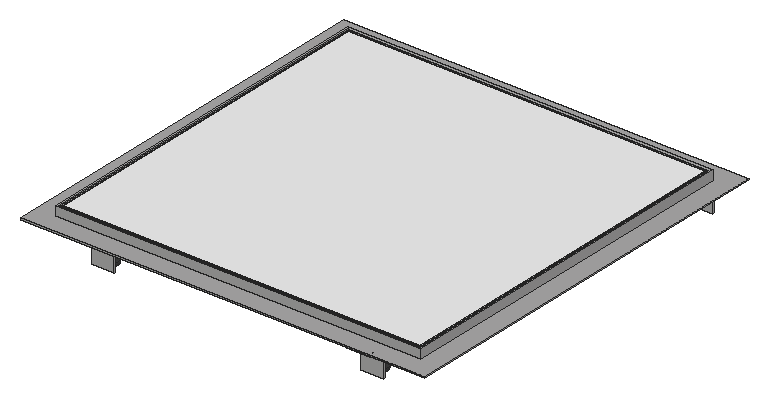
Revit family "Access_Door-Lightweight-Best Access Doors-Drywall Inlay-BA-IVH___1", category Specialty Equipment, host Face, Revit 2020
Family settings
  Host = Face
  Round Connector Dimension = Use Diameter
  Part Type = Normal
  OmniClass Number = 23.30.10.27.17
  OmniClass Title = Access Doors
  Cut with Voids When Loaded = No
  Shared = No
  Room Calculation Point = No
Parameters (values of type "Not a Type - Load Type Catalog")
  Width = 20.00"
  URL = "https://www.bestaccessdoors.com/"
  Real Panel Width = A - 0.12109"  # 19.87891"
  Real Panel Height = B - 0.12109"  # 19.87891"
  Product data url = "https://bimobject.com/best-access-doors/product/invisahatch-drywall-inlay-with-fully-detachable-hatch"
  Product Page URL = "https://www.bestaccessdoors.com/model-number/ba-ivh/"
  Product Documentation Link = "https://www.bestaccessdoors.com/content/BA-IVH.pdf"
  Phone = "1-800-483-0823"
  Model = ""
  Material = ""
  Manufacturer = "Best Access Doors"  # constant formula
  Lock = no
  Height = 20.00"
  Finish = Metal - Best Access Doors - Powder Coated White
  F = B + 0.14063"  # 20.14063"
  E-mail = "sales@bestaccessdoors.com"
  E = A + 0.14063"  # 20.14063"
  Drywall Size = if([Drywall 1/2"], 1.00" / 2, 5.00" / 8)  # 0.50"
  Drywall 5/8" = not([Drywall 1/2"])  # no
  Drywall 1/2" = yes
  Door Swing [instance] = if(Door Open, 90.00°, 0.00°)  # 0.00°
  Door Position = Drywall Size - 0.13"  # 0.37"
  Door Open [instance] = no
  Description = "BA-IVH Invisa Hatch Drywall Inlay with Fully Detachable Hatch"  # constant formula
  Default Elevation = 0.00"
  D = B + 2.19922"  # 22.19922"
  Construction Material = Metal - Best Access Doors - Aluminum
  C = A + 2.19922"  # 22.19922"
  B = Width  # 20.00"
  Available Options = ""
  Assembly Code = "C1020700"
  A = Height  # 20.00"
Reference planes (in)
  plane 1 "Center (Front/Back)": y = 0
  plane 2: z = 0
  plane 3 "Center (Left/Right)": x = 4.07031
  plane 4: x = -6
  plane 5: x = 14.14063
  plane 6: y = 10.07031
  plane 7: y = -10.07031
  plane 8: y = 11.17031
  plane 9: y = -11.17031
  plane 10: x = -7.1
  plane 11: x = 15.24063
  plane 12: z = -0.5
  plane 13: x = -5.5
  plane 14: y = 9.57031
  plane 15: x = 12.14063
  plane 16: x = 10.88063
  plane 17: x = -4
  plane 18: x = -2.74
  plane 19: x = 12.88063
  plane 20: x = -4.74
Forms (in)
  Extrusion 1, void
    sketch origin (0, 0, 0) x (1, 0, 0) y (0, 1, 0)
      loop
        line (-6, 10.07031) -> (-6, -10.07031) -> (14.14063, -10.07031) -> (14.14063, 10.07031) -> (-6, 10.07031)
    from -0.5 to 0
  Sweep 2, solid, material "Metal - Best Access Doors - Aluminum" <- "Construction Material"
    path origin (0, 0, 0) x (1, 0, 0) y (0, 1, 0)
      loop
        line (-6, 10.07031) -> (-6, -10.07031) -> (14.14063, -10.07031) -> (14.14063, 10.07031) -> (-6, 10.07031)
    profile origin (-6, 0, 0) x (1, 0, 0) y (0, 0, 1)
      loop
        line (0, 0) -> (0, -0.5) -> (-1.1, -0.5) -> (-1.1, -0.57) -> (0.07, -0.57) -> (0.07, 0) -> (0, 0)
  Extrusion 3, void
    sketch origin (0, 0, 0) x (1, 0, 0) y (0, 0, 1)
      loop
        line (-7.1, -0.5) -> (-7.1, -14.39366) -> (15.24063, -14.39366) -> (15.24063, -0.5) -> (-7.1, -0.5)
    from -11.17031 to 11.17031
  Extrusion 4, solid, material "Metal - Best Access Doors - Aluminum" <- "Construction Material"
    sketch origin (4.07031, 0, 0) x (0, 1, 0) y (0, 0, 1)
      loop
        line (-10.07031, -2.15) -> (-10.07031, -0.57) -> (-11.07031, -0.57) -> (-11.07031, -0.64) -> (-10.14031, -0.64) -> (-10.14031, -2.15) -> (-10.07031, -2.15)
    from 6.81031 to 8.07031
  Extrusion 5, solid, material "Metal - Best Access Doors - Aluminum" <- "Construction Material"
    sketch origin (10.49249, 0, 0) x (0, 1, 0) y (0, 0, 1)
      loop
        line (-10.07031, -2.15) -> (-10.07031, -0.57) -> (-11.07031, -0.57) -> (-11.07031, -0.64) -> (-10.14031, -0.64) -> (-10.14031, -2.15) -> (-10.07031, -2.15)
    from -14.49249 to -13.23249
  Extrusion 6, solid, material "Neoprene - Best Access Doors -  Gasket"
    sketch origin (10.49249, -10.07031, -2.15) x (0, 0, 1) y (1, 0, 0)
      loop
        line (1.51, -14.0892) -> (1.51, -13.65388)
        arc (1.51, -13.65388) -> (1.42213, -13.44175) -> (1.21, -13.35388) r 0.3
        line (1.21, -13.35388) -> (0.3, -13.35388)
        arc (0.3, -13.35388) -> (0.08787, -13.44175) -> (0, -13.65388) r 0.3
        line (0, -13.65388) -> (0, -14.0892)
        arc (0, -14.0892) -> (0.08787, -14.30133) -> (0.3, -14.3892) r 0.3
        line (0.3, -14.3892) -> (1.21, -14.3892)
        arc (1.21, -14.3892) -> (1.42213, -14.30133) -> (1.51, -14.0892) r 0.3
    from 0 to 0.5
  Extrusion 7, solid, material "Neoprene - Best Access Doors -  Gasket"
    sketch origin (4.07031, -10.07031, -2.15) x (0, 0, 1) y (1, 0, 0)
      loop
        line (1.51, 7.2136) -> (1.51, 7.64893)
        arc (1.51, 7.64893) -> (1.42213, 7.86106) -> (1.21, 7.94893) r 0.3
        line (1.21, 7.94893) -> (0.3, 7.94893)
        arc (0.3, 7.94893) -> (0.08787, 7.86106) -> (0, 7.64893) r 0.3
        line (0, 7.64893) -> (0, 7.2136)
        arc (0, 7.2136) -> (0.08787, 7.00147) -> (0.3, 6.9136) r 0.3
        line (0.3, 6.9136) -> (1.21, 6.9136)
        arc (1.21, 6.9136) -> (1.42213, 7.00147) -> (1.51, 7.2136) r 0.3
    from 0 to 0.5
  Extrusion 8, solid, material "Metal - Best Access Doors - Aluminum" <- "Construction Material"
    sketch origin (4.07031, 0, 0) x (0, 1, 0) y (0, 0, 1)
      loop
        line (10.07031, -2.15) -> (10.14031, -2.15) -> (10.14031, -0.64) -> (11.07031, -0.64) -> (11.07031, -0.57) -> (10.07031, -0.57) -> (10.07031, -2.15)
    from 8.81031 to 10.07031
  Extrusion 9, solid, material "Metal - Best Access Doors - Aluminum" <- "Construction Material"
    sketch origin (-5.75, -0.07031, 0) x (0, 1, 0) y (0, 0, 1)
      loop
        line (10.14062, -2.15) -> (10.21062, -2.15) -> (10.21062, -0.64) -> (11.14063, -0.64) -> (11.14063, -0.57) -> (10.14062, -0.57) -> (10.14062, -2.15)
    from -0.25 to 1.01
Lines and regions (in)
  Masking region 1
    outline origin (0, 0, 0) x (1, 0, 0) y (0, 1, 0)
      loop
        line (-6, 10.07031) -> (-6, -10.07031) -> (14.14062, -10.07031) -> (14.14062, 10.07031) -> (-6, 10.07031)
      loop
        line (-5.93, 10.00031) -> (-5.93, -10.00031) -> (14.07062, -10.00031) -> (14.07062, 10.00031) -> (-5.93, 10.00031)
  Masking region 2
    outline origin (0, 0, 0) x (1, 0, 0) y (0, 0, 1)
      loop
        line (-7.1, -0.57) -> (15.24062, -0.57) -> (15.24062, -0.5) -> (14.14062, -0.5) -> (14.14062, 0) -> (-6, 0) -> (-6, -0.5) -> (-7.1, -0.5) -> (-7.1, -0.57)
  Masking region 3
    outline origin (0, 0, 0) x (1, 0, 0) y (0, 0, 1)
      loop
        line (-6, -0.57) -> (-6, -2.15) -> (-4.74, -2.15) -> (-4.74, -0.57) -> (-6, -0.57)
      loop
        line (-4, -0.57) -> (-4, -2.15) -> (-2.74, -2.15) -> (-2.74, -0.57) -> (-4, -0.57)
      loop
        line (10.88063, -0.57) -> (10.88063, -2.15) -> (12.14063, -2.15) -> (12.14063, -0.57) -> (10.88063, -0.57)
      loop
        line (12.88063, -0.57) -> (12.88063, -2.15) -> (14.14063, -2.15) -> (14.14063, -0.57) -> (12.88063, -0.57)
  Masking region 4
    outline origin (4.07031, 0, 0) x (0, 1, 0) y (0, 0, 1)
      loop
        line (-11.17031, -0.57) -> (11.17031, -0.57) -> (11.17031, -0.5) -> (10.07031, -0.5) -> (10.07031, 0) -> (-10.07031, 0) -> (-10.07031, -0.5) -> (-11.17031, -0.5) -> (-11.17031, -0.57)
  Masking region 5
    outline origin (4.07031, 0, 0) x (0, 1, 0) y (0, 0, 1)
      loop
        line (10.14031, -0.64) -> (11.07031, -0.64) -> (11.07031, -0.57) -> (10.07031, -0.57) -> (10.07031, -2.15) -> (10.14031, -2.15) -> (10.14031, -0.64)
      loop
        line (-9.57031, -2.15) -> (-9.57031, -0.64) -> (-10.07031, -0.64) -> (-10.07031, -0.57) -> (-11.07031, -0.57) -> (-11.07031, -0.64) -> (-10.14031, -0.64) -> (-10.14031, -2.15) -> (-9.57031, -2.15)
  reference lines
    curve 1: line (4.07031, 9.57031, 0) -> (4.07031, -2.42969, 0)
  symbolic lines
    curve 2: line (14.14062, 0, -0.5) -> (-6, 0, -0.5)
    curve 3: line (-4, 0, -0.64) -> (-2.74, 0, -0.64)
    curve 4: arc (-3.89671, 0, -0.94) -> (-3.80884, 0, -0.72787) -> (-3.59671, 0, -0.64) r 0.3
    curve 5: arc (-3.16139, 0, -0.64) -> (-2.94925, 0, -0.72787) -> (-2.86139, 0, -0.94) r 0.3
    curve 6: line (-2.86139, 0, -1.85) -> (-2.86139, 0, -0.94)
    curve 7: arc (-2.86139, 0, -1.85) -> (-2.94925, 0, -2.06213) -> (-3.16139, 0, -2.15) r 0.3
    curve 8: arc (-3.59671, 0, -2.15) -> (-3.80884, 0, -2.06213) -> (-3.89671, 0, -1.85) r 0.3
    curve 9: line (-3.89671, 0, -0.94) -> (-3.89671, 0, -1.85)
    curve 10: line (10.98392, 0, -0.94) -> (10.98392, 0, -1.85)
    curve 11: arc (10.98392, 0, -0.94) -> (11.07179, 0, -0.72787) -> (11.28392, 0, -0.64) r 0.3
    curve 12: line (10.88063, 0, -0.64) -> (12.14063, 0, -0.64)
    curve 13: arc (11.71924, 0, -0.64) -> (11.93137, 0, -0.72787) -> (12.01924, 0, -0.94) r 0.3
    curve 14: line (12.01924, 0, -1.85) -> (12.01924, 0, -0.94)
    curve 15: arc (12.01924, 0, -1.85) -> (11.93137, 0, -2.06213) -> (11.71924, 0, -2.15) r 0.3
    curve 16: line (10.88063, 0, -2.15) -> (12.14063, 0, -2.15)
    curve 17: arc (11.28392, 0, -2.15) -> (11.07179, 0, -2.06213) -> (10.98392, 0, -1.85) r 0.3
    curve 18: line (4.07031, 10.07031, -0.5) -> (4.07031, -10.07031, -0.5)
    curve 19: line (4.07031, -10.07031, -0.64) -> (4.07031, -10.07031, -2.15)
Dimensions and locks (in)
  equal spacing: plane 4, plane 3 "Center (Left/Right)", plane 5
  "F": plane 4 to plane 5
  equal spacing: plane 6, plane 1 "Center (Front/Back)", plane 7
  "E": plane 6 to plane 7
  locked: plane 5 to plane 11 at 1.1
  locked: plane 8 to plane 6 at 1.1
  locked: plane 7 to plane 9 at 1.1
  locked: plane 10 to plane 4 at 1.1
  "Drywall Size": level to plane 12
  "Drywall Size": Sweep 2 sketch curve to plane 12
  locked: plane 12 to Sweep 2 sketch curve at 0.07
  locked: Sweep 2 sketch curve to plane 4 at 0.07
  "Drywall Size": plane 13 to plane 4
  "Drywall Size": plane 6 to plane 14
  "Door Position": nested 1 to curve 1
  locked: Extrusion 4 sketch curve to Extrusion 4 sketch curve at 0.07  (x2)
  locked: Extrusion 4 sketch curve to Sweep 2 at 1.58
  locked: plane 16 to plane 15 at 1.26
  locked: plane 15 to plane 5 at 2
  locked: Extrusion 5 sketch curve to Extrusion 5 sketch curve at 0.07  (x2)
  locked: plane 17 to plane 18 at 1.26
  locked: plane 4 to plane 17 at 2
  locked: Extrusion 8 sketch curve to Extrusion 8 sketch curve at 0.07  (x2)
  locked: plane 19 to plane 5 at 1.26
  locked: plane 4 to plane 20 at 1.26
  locked: Extrusion 9 sketch curve to Extrusion 9 sketch curve at 0.07  (x2)
  "Door Swing": angle level to curve 1
  aligned and locked: plane 2 to host face
  aligned and locked: level to host face
  aligned and locked: level to Extrusion 1
  aligned and locked: Extrusion 1 sketch curve to plane 6
  aligned and locked: plane 5 to Extrusion 1 sketch curve
  aligned and locked: plane 7 to Extrusion 1 sketch curve
  aligned and locked: plane 4 to Extrusion 1 sketch curve
  aligned and locked: Sweep 2 sketch curve to plane 4
  aligned and locked: plane 6 to Sweep 2 sketch curve
  aligned and locked: Sweep 2 sketch curve to plane 5
  aligned and locked: Sweep 2 sketch curve to plane 7
  aligned and locked: Sweep 2 sketch curve to profile plane
  aligned and locked: Sweep 2 sketch curve to plane 12
  aligned and locked: Extrusion 1 to plane 12
  aligned and locked: Extrusion 3 sketch curve to plane 12
  aligned and locked: Extrusion 3 sketch curve to plane 10
  aligned and locked: Extrusion 3 sketch curve to plane 11
  aligned and locked: plane 8 to Extrusion 3
  aligned and locked: Extrusion 3 to plane 9
  aligned and locked: plane 14 to curve 1
  aligned and locked: plane 2 to curve 1
  aligned and locked: nested 1 to curve 1
  aligned and locked: Sweep 2 to Extrusion 4 sketch curve
  aligned and locked: Extrusion 4 sketch curve to plane 7
  aligned and locked: Extrusion 4 to plane 16
  aligned and locked: plane 15 to Extrusion 4
  aligned and locked: Extrusion 5 to plane 17
  aligned and locked: plane 18 to Extrusion 5
  aligned and locked: Extrusion 8 sketch curve to plane 6
  aligned and locked: Extrusion 8 sketch curve to Sweep 2
  aligned and locked: Extrusion 8 to plane 5
  aligned and locked: Extrusion 8 to plane 19
  aligned and locked: Extrusion 9 to plane 4
  aligned and locked: plane 20 to Extrusion 9
  aligned and locked: Extrusion 9 sketch curve to plane 6
  aligned and locked: Extrusion 9 to Extrusion 8
  aligned and locked: Masking region 1 sketch curve to Sweep 2  (x4)
  aligned and locked: Masking region 2 sketch curve to Sweep 2  (x3)
  aligned and locked: host face to Masking region 2 sketch curve
  aligned and locked: curve 2 to plane 12
  aligned and locked: Masking region 3 sketch curve to Extrusion 9  (x4)
  aligned and locked: Masking region 3 sketch curve to Extrusion 5  (x4)
  aligned and locked: Masking region 3 sketch curve to Extrusion 4  (x4)
  aligned and locked: Masking region 3 sketch curve to Extrusion 8  (x4)
  aligned and locked: curve 4 to Extrusion 6
  aligned and locked: curve 5 to Extrusion 6
  aligned and locked: curve 7 to Extrusion 6
  aligned and locked: curve 8 to Extrusion 6
  aligned and locked: curve 11 to Extrusion 7
  aligned and locked: curve 13 to Extrusion 7
  aligned and locked: curve 15 to Extrusion 7
  aligned and locked: curve 17 to Extrusion 7
  aligned and locked: Masking region 4 sketch curve to Sweep 2  (x6)
  aligned and locked: host face to Masking region 4 sketch curve
  aligned and locked: Masking region 5 sketch curve to Extrusion 9  (x6)
  aligned and locked: Masking region 5 sketch curve to Extrusion 6  (x2)
  aligned and locked: Masking region 5 sketch curve to Extrusion 5  (x5)
  aligned and locked: curve 18 to Sweep 2
  aligned and locked: Extrusion 5 to curve 19
Automatic sketch dimensions
  host sketch curve to host sketch curve = 56.68602"
  host sketch curve to host sketch curve = 67.71565"
  Extrusion 3 sketch curve to plane 12 = 13.89366"
  plane 9 to Extrusion 4 sketch curve = 0.10"
  Extrusion 5 sketch curve to plane 7 = 0.00"
  plane 9 to Extrusion 5 sketch curve = 0.10"
  Extrusion 5 sketch curve to plane 12 = 1.65"
  Extrusion 5 sketch curve to plane 12 = 0.14"
  Extrusion 6 sketch curve to Extrusion 5 = 0.00"
  Extrusion 5 to Extrusion 6 sketch curve = 0.30"  (x2)
  Extrusion 5 to Extrusion 6 sketch curve = 0.10329"
  Extrusion 5 to Extrusion 6 sketch curve = 0.37"  (x2)
  Extrusion 5 to Extrusion 6 sketch curve = 0.07"
  Extrusion 5 to Extrusion 6 sketch curve = 0.42139"
  Extrusion 7 sketch curve to Extrusion 4 = 0.00"
  Extrusion 7 sketch curve to Extrusion 7 sketch curve = 0.30"
  Extrusion 4 to Extrusion 7 sketch curve = 0.10329"
  Extrusion 4 to Extrusion 7 sketch curve = 0.30"
  Extrusion 4 to Extrusion 7 sketch curve = 0.37"  (x2)
  Extrusion 4 to Extrusion 7 sketch curve = 0.07"
  Extrusion 4 to Extrusion 7 sketch curve = 0.42139"
  plane 6 to Extrusion 8 sketch curve = 1.00"
  Extrusion 8 sketch curve to Extrusion 8 sketch curve = 1.51"
  Extrusion 9 sketch curve to plane 12 = 0.07"
  Extrusion 9 sketch curve to plane 8 = 0.10"
  Extrusion 9 sketch curve to Extrusion 9 sketch curve = 1.51"
  plane 4 to Masking region 1 sketch curve = 0.07"
  plane 5 to Masking region 1 sketch curve = 0.07"
  plane 7 to Masking region 1 sketch curve = 0.07"
  Masking region 1 sketch curve to plane 6 = 0.07"
  Masking region 2 sketch curve to plane 4 = 0.00"
  plane 5 to Masking region 2 sketch curve = 0.00"
  Masking region 2 sketch curve to plane 12 = 0.00"  (x3)
  curve 2 to plane 4 = 0.00"
  curve 3 to plane 17 = 0.00"
  curve 3 to plane 18 = 0.00"
  curve 16 to plane 16 = 0.00"
  curve 12 to plane 16 = 0.00"
  curve 16 to plane 15 = 0.00"
  curve 12 to plane 15 = 0.00"
  plane 5 to curve 2 = 0.00"
  Masking region 4 sketch curve to plane 12 = 0.00"  (x2)
  Masking region 5 sketch curve to Masking region 5 sketch curve = 0.00"
  curve 18 to plane 7 = 0.00"
  curve 18 to plane 6 = 0.00"
  curve 19 to plane 12 = 0.14"
  curve 19 to curve 19 = 1.51"
  profile plane to Sweep 2 sketch curve = 1.10"
Nested families (in)
  nested 1: "Door" at (4.07031, 0.25332, 0) x (0, -1, 0) z (0, 0, 1), type "Door"
    with Door Width 19.87891", Door Height 19.87891"
Definition of nested family "Door"
  Parameters (values of type "Door")
    Lock Configuration Offset = if(Door Height < 36.00", 9.40625", if(not(Door Height > 48.00"), 11.40625", if(not(Door Height > 60.00"), 13.40625", 15.40625")))  # 9.40625"
    Lock Configuration 2 = not(Door Height < 32.00")  # no
    Lock Configuration 1 = Door Height < 32.00"  # yes
    Lock 3 = if(Lock, Lock Configuration 2, 1 > 2)  # no
    Lock 2 = if(Lock, Lock Configuration 2, 1 > 2)  # no
    Lock 1 = if(Lock, Lock Configuration 1, 1 > 2)  # no
    Lock = no
    Finish = none
    Drywall Size = 0.50"
    Door Width = 7.87891"
    Door Height = 7.87891"
    Default Elevation = 48.00"
    Construction Material = none
    Assembly Code = ""
  Reference planes (in)
    plane 1 "Center (Front/Back)": y = 0
    plane 2: z = 0
    plane 3 "Center (Left/Right)": x = -13.80809
    plane 4: x = -1.80809
    plane 5: y = -3.93945
    plane 6: y = 3.93945
    plane 7: x = -3.47668
    plane 8: z = -0.5
    plane 9: y = -5.4668
    plane 10: y = 5.4668
    plane 11: x = -9.68699
  Forms (in)
    Sweep 1, solid, material <- "Construction Material"
      path origin (0, 0, 0) x (1, 0, 0) y (0, 1, 0)
        loop
          line (-9.68699, 3.93945) -> (-9.68699, -3.93945) -> (-1.80809, -3.93945) -> (-1.80809, 3.93945) -> (-9.68699, 3.93945)
      profile origin (-9.68699, 0, 0) x (1, 0, 0) y (0, 0, 1)
        loop
          line (0, -0.57) -> (1.20691, -0.57) -> (1.20691, -0.5) -> (0.07, -0.5) -> (0.07, 0) -> (0, 0) -> (0, -0.57)
    Extrusion 2, solid, material <- "Finish"
      sketch origin (0, 0, 0) x (1, 0, 0) y (0, 1, 0)
        loop
          line (-9.61699, -3.86945) -> (-1.87809, -3.86945) -> (-1.87809, 3.86945) -> (-9.61699, 3.86945) -> (-9.61699, -3.86945)
      from -0.5 to 0
  Lines and regions (in)
    Masking region 1
      outline origin (0, 0, 0) x (1, 0, 0) y (0, 1, 0)
        loop
          line (-1.80809, 3.93945) -> (-9.68699, 3.93945) -> (-9.68699, -3.93945) -> (-1.80809, -3.93945) -> (-1.80809, 3.93945)
    Masking region 2
      outline origin (0, 0, 0) x (1, 0, 0) y (0, 0, 1)
        loop
          line (-9.68699, 0) -> (-9.68699, -0.57) -> (-1.80809, -0.57) -> (-1.80809, 0) -> (-9.68699, 0)
    Masking region 3
      outline origin (-13.80809, 0, 0) x (0, 1, 0) y (0, 0, 1)
        loop
          line (3.93945, 0) -> (-3.93945, 0) -> (-3.93945, -0.57) -> (3.93945, -0.57) -> (3.93945, 0)
    symbolic lines, detail levels fine
      curve 1: line (-1.87809, 3.86945, 0) -> (-9.61699, 3.86945, 0)
      curve 2: line (-9.61699, 3.86945, 0) -> (-9.61699, -3.86945, 0)
      curve 3: line (-9.61699, -3.86945, 0) -> (-1.87809, -3.86945, 0)
      curve 4: line (-1.87809, -3.86945, 0) -> (-1.87809, 3.86945, 0)
  Dimensions and locks (in)
    plane 3 "Center (Left/Right)" to plane 4 = 12.00"
    equal spacing: plane 5, plane 1 "Center (Front/Back)", plane 6
    locked: plane 7 to plane 4 at 1.6686
    "Door Height": plane 5 to plane 6
    "Lock Configuration Offset": plane 9 to plane 6
    "Lock Configuration Offset": plane 5 to plane 10
    "Door Width": plane 11 to plane 4
    locked: plane 11 to Sweep 1 sketch curve at 0.07
    locked: plane 8 to Sweep 1 sketch curve at 0.07
    "Drywall Size": level to plane 8
    aligned and locked: level to plane 2
    aligned and locked: plane 7 to nested 1
    aligned and locked: plane 1 "Center (Front/Back)" to nested 1
    aligned and locked: Sweep 1 sketch curve to plane 6
    aligned and locked: Sweep 1 sketch curve to plane 5
    aligned and locked: plane 4 to Sweep 1 sketch curve
    aligned and locked: plane 9 to nested 2
    aligned and locked: plane 7 to nested 2
    aligned and locked: plane 7 to nested 3
    aligned and locked: plane 10 to nested 3
    aligned and locked: Masking region 1 sketch curve to Sweep 1  (x4)
    aligned and locked: plane 11 to Sweep 1 sketch curve
    aligned and locked: Sweep 1 sketch curve to plane 11
    aligned and locked: Sweep 1 sketch curve to plane 8
    aligned and locked: Sweep 1 sketch curve to profile plane
    aligned and locked: Sweep 1 to Extrusion 2 sketch curve  (x3)
    aligned and locked: Extrusion 2 sketch curve to Sweep 1
    aligned and locked: Extrusion 2 to curve 4
    aligned and locked: curve 1 to Extrusion 2
    aligned and locked: curve 2 to Extrusion 2
    aligned and locked: curve 3 to Extrusion 2
    aligned and locked: Extrusion 2 to Sweep 1
    aligned and locked: Masking region 2 sketch curve to Sweep 1  (x4)
    aligned and locked: Masking region 3 sketch curve to Sweep 1  (x4)
  Automatic sketch dimensions
    Sweep 1 sketch curve to Sweep 1 sketch curve = 1.13691"
  Nested families (in)
    nested 1: "3dlock" at (-3.47668, 0, 0), visible <- "Lock 1", type "3dlock", detail levels medium+fine
    nested 2: "3dlock" at (-3.47668, -5.4668, 0), visible <- "Lock 2", type "3dlock"
    nested 3: "3dlock" at (-3.47668, 5.4668, 0), visible <- "Lock 3", type "3dlock", detail levels medium+fine
  Definition of nested family "3dlock"
    Parameters (values of type "3dlock")
      Finish = none
      Default Elevation = 0.00"
    Reference planes (in)
      plane 1 "Center (Front/Back)": y = 0
      plane 2: z = 0
      plane 3 "Center (Left/Right)": x = 0
    Forms (in)
      Revolve 1, solid, material <- "Finish", detail levels fine
        sketch origin (0, 0, 0) x (1, 0, 0) y (0, 0, 1)
          loop
            line (0, 0.14299) -> (-0.28475, 0.14299)
            arc (-0.28475, 0.14299) -> (-0.39008, 0.10228) -> (-0.43796, 0) r 0.15142
            line (-0.43796, 0) -> (0, 0) -> (0, 0.14299)
          axis (0, 0.14299) -> (0, 0)
        angle from 0 to 360
    Lines and regions (in)
      Masking region 1, detail levels fine
        outline origin (0, 0, 0) x (1, 0, 0) y (0, 1, 0)
          loop
            circle (0, 0) r 0.43796
      Masking region 2, detail levels medium+fine
        outline origin (0, 0, 0) x (1, 0, 0) y (0, 0, 1)
          loop
            arc (-0.28475, 0.14299) -> (-0.38953, 0.10169) -> (-0.43796, 0) r 0.15358
            line (-0.43796, 0) -> (0.43796, 0)
            arc (0.43796, 0) -> (0.38953, 0.10169) -> (0.28475, 0.14299) r 0.15358
            line (0.28475, 0.14299) -> (-0.28475, 0.14299)
      Masking region 3
        outline origin (0, 0, 0) x (0, 1, 0) y (0, 0, 1)
          loop
            line (0, 0) -> (0.43796, 0)
            arc (0.43796, 0) -> (0.38953, 0.10169) -> (0.28475, 0.14299) r 0.15358
            line (0.28475, 0.14299) -> (0, 0.14299) -> (-0.28475, 0.14299)
            arc (-0.28475, 0.14299) -> (-0.38953, 0.10169) -> (-0.43796, 0) r 0.15358
            line (-0.43796, 0) -> (0, 0)
      symbolic lines, detail levels fine
        curve 1: arc (0.28475, 0, 0) -> (0, 0.28475, 0) -> (-0.28475, 0, 0) r 0.28475
        curve 2: arc (-0.28475, 0, 0) -> (0, -0.28475, 0) -> (0.28475, 0, 0) r 0.28475
        curve 3: line (-0.04346, 0.01512, 0) -> (0.01834, 0.02232, 0)
        curve 4: line (0.01834, 0.02232, 0) -> (0.06637, 0.02414, 0)
        curve 5: line (0.06637, 0.02414, 0) -> (0.11996, 0.02219, 0)
        curve 6: line (0.11996, 0.02219, 0) -> (0.17246, 0.01233, 0)
        curve 7: line (0.17246, 0.01233, 0) -> (0.22814, -0.00188, 0)
        curve 8: line (0.22814, -0.00188, 0) -> (0.17111, -0.00891, 0)
        curve 9: line (0.17111, -0.00891, 0) -> (0.11778, -0.01204, 0)
        curve 10: line (0.11778, -0.01204, 0) -> (0.06438, -0.00718, 0)
        curve 11: line (0.06438, -0.00718, 0) -> (0.00981, 0.00191, 0)
        curve 12: line (0.00981, 0.00191, 0) -> (-0.04346, 0.01512, 0)
        curve 13: line (-0.04346, 0.01512, 0) -> (-0.08352, 0.01045, 0)
        curve 14: line (-0.08352, 0.01045, 0) -> (-0.12297, 0.00896, 0)
        curve 15: line (-0.12297, 0.00896, 0) -> (-0.16121, 0.01035, 0)
        curve 16: line (-0.16121, 0.01035, 0) -> (-0.19868, 0.01739, 0)
        curve 17: line (-0.19868, 0.01739, 0) -> (-0.23841, 0.02753, 0)
        curve 18: line (-0.23841, 0.02753, 0) -> (-0.19771, 0.03255, 0)
        curve 19: line (-0.19771, 0.03255, 0) -> (-0.15965, 0.03478, 0)
        curve 20: line (-0.15965, 0.03478, 0) -> (-0.12154, 0.03131, 0)
        curve 21: line (-0.12154, 0.03131, 0) -> (-0.0826, 0.02483, 0)
        curve 22: line (-0.0826, 0.02483, 0) -> (-0.04346, 0.01512, 0)
    Dimensions and locks (in)
      aligned and locked: level to plane 2
      aligned and locked: Masking region 3 sketch curve to Revolve 1  (x4)
    Automatic sketch dimensions
      curve 1 to curve 2 = 0.00"  (x2)
      plane 1 "Center (Front/Back)" to curve 1 = 0.00"
      curve 2 to plane 3 "Center (Left/Right)" = 0.00"
      curve 12 to plane 1 "Center (Front/Back)" = 0.01512"
      curve 12 to plane 3 "Center (Left/Right)" = 0.04346"
      curve 22 to plane 1 "Center (Front/Back)" = 0.02483"
      curve 22 to curve 13 = 0.03914"
      curve 14 to plane 1 "Center (Front/Back)" = 0.01045"
      curve 14 to curve 21 = 0.00091"
      curve 20 to plane 1 "Center (Front/Back)" = 0.03131"
      curve 20 to curve 22 = 0.03894"
      curve 14 to plane 1 "Center (Front/Back)" = 0.00896"
      curve 14 to curve 20 = 0.00142"
      curve 20 to plane 1 "Center (Front/Back)" = 0.03478"
      curve 20 to curve 21 = 0.03811"
      curve 16 to plane 1 "Center (Front/Back)" = 0.01035"
      curve 16 to curve 19 = 0.00155"
      curve 19 to plane 1 "Center (Front/Back)" = 0.03255"
      curve 19 to curve 20 = 0.03806"
      curve 16 to plane 1 "Center (Front/Back)" = 0.01739"
      curve 16 to curve 18 = 0.00097"
      curve 18 to plane 1 "Center (Front/Back)" = 0.02753"
      curve 18 to curve 16 = 0.03973"
      curve 12 to plane 1 "Center (Front/Back)" = 0.00191"
      plane 3 "Center (Left/Right)" to curve 12 = 0.00981"
      plane 3 "Center (Left/Right)" to curve 3 = 0.01834"
      plane 1 "Center (Front/Back)" to curve 10 = 0.00718"
      curve 3 to curve 10 = 0.04604"
      curve 4 to plane 1 "Center (Front/Back)" = 0.02414"
      curve 10 to curve 4 = 0.00199"
      plane 1 "Center (Front/Back)" to curve 10 = 0.01204"
      curve 10 to curve 10 = 0.0534"
      curve 5 to plane 1 "Center (Front/Back)" = 0.02219"
      curve 9 to curve 5 = 0.00218"
      plane 1 "Center (Front/Back)" to curve 9 = 0.00891"
      curve 9 to curve 9 = 0.05333"
      curve 6 to plane 1 "Center (Front/Back)" = 0.01233"
      curve 8 to curve 6 = 0.00135"
      plane 1 "Center (Front/Back)" to curve 8 = 0.00188"
      curve 6 to curve 8 = 0.05567"
      curve 11 to curve 4 = 0.02042"
      curve 2 to curve 17 = 0.04634"
      Revolve 1 sketch curve to level = 0.00"  (x2)
      Revolve 1 sketch curve to plane 3 "Center (Left/Right)" = 0.00"  (x2)
      level to Revolve 1 sketch curve = 0.14299"
      Revolve 1 sketch curve to plane 3 "Center (Left/Right)" = 0.28475"
      Revolve 1 sketch curve to level = 0.00842"
      Revolve 1 sketch curve to Revolve 1 sketch curve = 0.00203"
      Revolve 1 sketch curve to Revolve 1 sketch curve = 0.00"
      Masking region 1 sketch curve to Masking region 1 sketch curve = 0.00"  (x2)
      plane 1 "Center (Front/Back)" to Masking region 1 sketch curve = 0.00"
      Masking region 1 sketch curve to plane 3 "Center (Left/Right)" = 0.00"
      Masking region 1 sketch curve to plane 3 "Center (Left/Right)" = 0.43796"
      Masking region 2 sketch curve to level = 0.00"
      Masking region 2 sketch curve to plane 3 "Center (Left/Right)" = 0.43796"
      Masking region 2 sketch curve to level = 0.01059"  (x2)
      Masking region 2 sketch curve to Masking region 2 sketch curve = 0.15321"
      plane 3 "Center (Left/Right)" to Masking region 2 sketch curve = 0.28475"
      Masking region 3 sketch curve to plane 1 "Center (Front/Back)" = 0.00"  (x2)
      Masking region 3 sketch curve to level = 0.01059"  (x2)
      plane 1 "Center (Front/Back)" to Masking region 3 sketch curve = 0.28475"
      Masking region 3 sketch curve to plane 1 "Center (Front/Back)" = 0.28475"
